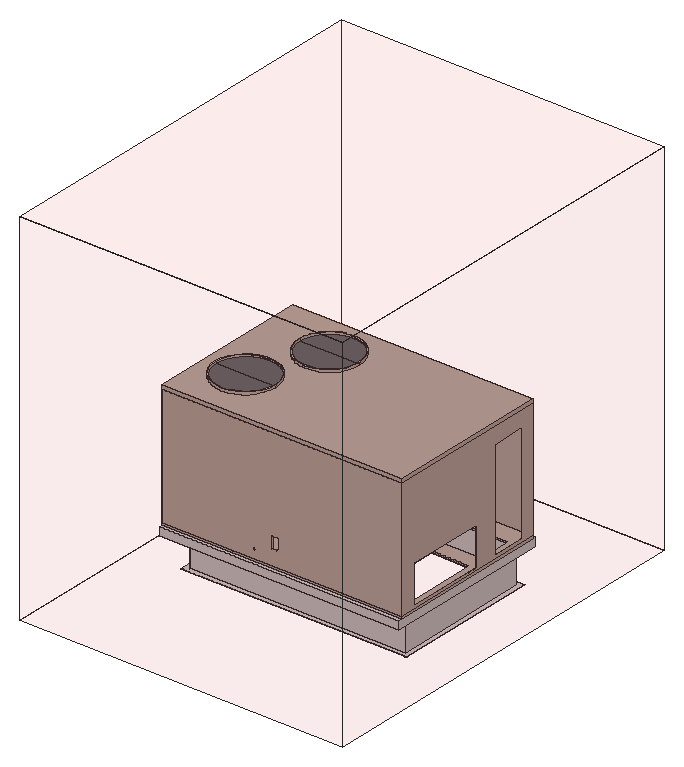
Revit family "CDR-XX08-09, ZX09, ZX12, ZY08-09", category Mechanical Equipment, Revit 2023
Family settings
  Round Connector Dimension = Use Diameter
  Part Type = Normal
  Work Plane-Based = No
  Always vertical = Yes
  Cut with Voids When Loaded = No
  Maintain Annotation Orientation = No
  Shared = No
  Room Calculation Point = No
Parameters (values of type "ZX09 - 8.5 Ton")
  Width = 61.690"  # constant formula
  Voltage = 208 V
  URL = "www.johnsoncontrols.com"
  Temperature Rise Range [instance] = 0 °F
  Supply Fan HP = 0 VA
  Supply Fan Full Load Current = 0 A
  Supply Air Connection Width (Optional) = 28 97/256"  # constant formula
  Supply Air Connection Width = 14"  # constant formula
  Supply Air Connection Height (Optional) = 13 225/256"  # constant formula
  Supply Air Connection Height = 28 3/4"  # constant formula
  Steady State Efficiency [instance] = 0
  Static Resistance [instance] = 0
  Standard Capacity Evaporator [instance] = "0"
  Show Clearance [instance] = yes
  Serial Number [instance] = ""
  Seasonal Energy Efficiency Rating [instance] = 0
  Return Air Dry Bulb Temperature [instance] = 0 °F
  Return Air Connection Width (Optional) = 12 161/256"  # constant formula
  Return Air Connection Width = 36 97/256"  # constant formula
  Return Air Connection Height (Optional) = 36 97/256"  # constant formula
  Return Air Connection Height = 12 161/256"  # constant formula
  Refrigerant Used = "R-410A"  # constant formula
  Refrigerant Charge System Two = 5.25 lbf
  Refrigerant Charge System One = 5.25 lbf
  Product Page URL = ""
  Product Documentation Link = ""
  Power Factor = 1  # constant formula
  Outdoor Ambient Temperature [instance] = 0 °F
  Outdoor Air Wet Bulb Temperature [instance] = 0 °F
  Operating Weight = 852.00 lbf
  OmniClass Title = "Packaged Rooftop Air Conditioning Units"  # constant formula
  OmniClass Number = "23.75.10.24.21.27.14"  # constant formula
  Number of Poles = 3
  Nominal Cooling Capacity = 8.5 ton
  Model = "ZX09"
  Maximum Overcurrent Protection = 0 A
  Manufacturer = "Johnson Controls, Inc."  # constant formula
  Length = 87.180"  # constant formula
  Keynote = ""
  Integrated Part Load Value = 0
  Height = 48.560"  # constant formula
  Gas Heating Performance MBH Output = 0 Btu/h
  Gas Heating Performance MBH Input = 0 Btu/h
  Gas Connection Diameter = 3/4"  # constant formula
  Frame Finish = Paint - JCI - Powder Coated - Galvanized Steel
  Filter Type = "2\""
  Filter Size and Quantity = "(20 x 20 x 2) - 4"  # constant formula
  Family Revision Date = "10/31/2017"  # constant formula
  Exhaust Fan HP [instance] = 0 VA
  Exhaust Air Flow = 0 CFM
  Exhaust Air Blower Full Load Current [instance] = 0 A
  Evaporator Coil Row Count = 3
  Evaporator Coil Fins per Inch = 15  # constant formula
  External Static Pressure [instance] = 0.00 in-wg
  Energy Efficiency Rating = 0
  Design Supply Air Flow [instance] = 0 CFM
  Description = "CDR Packaged Unit - 8.5 Ton Unit"
  Default Elevation = 0.000"
  Curb Width = 53.500"  # constant formula
  Curb Thicknes = 1.750"  # constant formula
  Curb Length = 81.750"  # constant formula
  Curb Height [instance] = 14.000"  # constant formula
  Curb Material = Metal - JCI - Steel - Galvanized With Wood Nailer
  Curb Exists [instance] = yes
  Copyright © = "Copyright © 2001-2017 Johnson Controls"  # constant formula
  Convenience Outlet Voltage [instance] = 0 V
  Convenience Outlet Full Load Current = 0 A
  Condenser Fan Quantity = 2  # constant formula
  Condenser Fan HP = 0 VA
  Condenser Fan Full Load Current = 0 A
  Condenser Fan Drive Type = "Direct"  # constant formula
  Condenser Fan Diameter = 22.000"  # constant formula
  Condenser Coils Fins per Inch = 23  # constant formula
  Condenser Coil Rows = 1
  Condensate Drain Flow [instance] = 0 GPM
  Condensate Drain Connection Diameter = 3/4"  # constant formula
  Compressor Type = "Scroll"  # constant formula
  Compressor Size = "0"  # constant formula
  Compressor Running Load Current = 0 A
  Compressor Quantity = 2
  Compressor Maximum Continuous Current = 0 A
  Compressor Locked Rotor Current = 0 A
  Clearance Top = 72.000"
  Clearance Right = 18.000"
  Clearance Left = 12.000"
  Clearance Front = 48.000"
  Clearance Bottom [instance] = if(Curb Exists, (Curb Height - Cabinet Base Thickness), 0.000")  # 10.940"
  Clearance Back = 36.000"
  Cabinet Base Thickness = 3.060"  # constant formula
  CTRL Curb Height [instance] = if(Curb Exists, Curb Height, Cabinet Base Thickness)  # 14.000"
  Assembly Code = ""
  Actual Supply Gas Connection Flow [instance] = 0 GPM
  Actual Supply Air Flow [instance] = 0 CFM
  Actual Return Air Flow [instance] = 0 CFM
Types (5): name | Refrigerant Charge System Two | Refrigerant Charge System One | Operating Weight | Nominal Cooling Capacity | Model | Evaporator Coil Row Count | Description
  (no name) | 5.25 lbf | 5.25 lbf | 852.00 lbf | 8.5 ton | "ZX09" | 3 | "CDR Packaged Unit - 8.5 Ton Unit"
  ZX09 - 8.5 Ton | 5.25 lbf | 5.25 lbf | 852.00 lbf | 8.5 ton | "ZX09" | 3 | "CDR Packaged Unit - 8.5 Ton Unit"
  ZX12 - 10 Ton | 5.75 lbf | 5.75 lbf | 879.00 lbf | 10.0 ton | "ZX12" | 4 | "CDR Packaged Unit - 10 Ton Unit"
  ZY08 - 7.5 Ton | 6.13 lbf | 6.00 lbf | 878.00 lbf | 7.5 ton | "ZY08" | 4 | "CDR Packaged Unit - 7.5 Ton Unit"
  ZY09 - 8.5 Ton | 6.00 lbf | 6.50 lbf | 878.00 lbf | 8.5 ton | "ZY09" | 4 | "CDR Packaged Unit - 8.5 Ton Unit"
Reference planes (in)
  plane 1 "Center (Front/Back)": y = 0
  plane 2 "Curb Bottom": z = 0
  plane 3 "Center (Left/Right)": x = 0
  plane 4 "Left": x = -43.59
  plane 5 "Right": x = 43.59
  plane 6 "Back": y = 30.845
  plane 7 "Front": y = -30.845
  plane 8 "Curb Top": z = 10.94
  plane 9 "Top": z = 59.5
  plane 10 "Cabinet Base": z = 14
  plane 11 "Top Inset": z = 58.25
  plane 12: z = 14.75
  plane 13 "Curb Right": x = 42.84
  plane 14 "Curb Left": x = -38.91
  plane 15 "Curb Back": y = 26.75
  plane 16 "Curb Front": y = -26.75
Forms (in)
  Sweep 1, solid, material "Metal - JCI - Steel Galvanized", detail levels fine
    path origin (0, 0, 0) x (1, 0, 0) y (0, 0, 1)
      loop
        line (0, 10.94) -> (0, 14)
    profile origin (0, 0, 12.47) x (-1, 0, 0) y (0, -1, 0)
      loop
        line (43.46, -30.845) -> (43.46, 30.845) -> (-43.48, 30.845) -> (-43.48, -30.845) -> (43.46, -30.845)
      loop
        line (42.96, -27.275) -> (42.96, 27.275) -> (-42.98, 27.275) -> (-42.98, -27.275) -> (42.96, -27.275)
  Sweep 2, solid, material "Paint - JCI - Powder Coated - Galvanized Steel" <- "Frame Finish", detail levels fine
    path origin (0, 0, 0) x (1, 0, 0) y (0, 0, 1)
      loop
        line (0, 14.75) -> (0, 58.25)
    profile origin (0, 0, 36.5) x (-1, 0, 0) y (0, -1, 0)
      loop
        line (43.59, -29.795) -> (43.59, 29.795) -> (-43.59, 29.795) -> (-43.59, -29.795) -> (43.59, -29.795)
      loop
        line (43.56, -29.765) -> (43.56, 29.765) -> (-43.56, 29.765) -> (-43.56, -29.765) -> (43.56, -29.765)
  Sweep 3, solid, material "Paint - JCI - Powder Coated - Galvanized Steel" <- "Frame Finish", detail levels fine
    path origin (0, 0, 0) x (1, 0, 0) y (0, 0, 1)
      loop
        line (0, 58.25) -> (0, 59.5)
    profile origin (0, 0, 58.875) x (-1, 0, 0) y (0, -1, 0)
      loop
        line (-43.59, -29.795) -> (43.59, -29.795) -> (43.59, 29.795) -> (-43.59, 29.795) -> (-43.59, -29.795)
      loop
        circle (17.89, -14.165) r 11
      loop
        circle (28.33, 10.735) r 11
  Sweep 4, solid, material "Paint - JCI - Powder Coated - Galvanized Steel" <- "Frame Finish", detail levels fine
    path origin (0, 0, 0) x (1, 0, 0) y (0, 0, 1)
      loop
        line (0, 14) -> (0, 14.75)
    profile origin (0, 0, 14.375) x (-1, 0, 0) y (0, -1, 0)
      loop
        line (-43.59, -29.795) -> (43.59, -29.795) -> (43.59, 29.795) -> (-43.59, 29.795) -> (-43.59, -29.795)
  Sweep 5, void
    path origin (0, 0, 0) x (1, 0, 0) y (0, 0, 1)
      loop
        line (0, 14) -> (0, 14.75)
    profile origin (0, 0, 14.375) x (-1, 0, 0) y (0, -1, 0)
      loop
        line (-40.19, -23.245) -> (-3.81109, -23.245) -> (-3.81109, -10.61609) -> (-40.19, -10.61609) -> (-40.19, -23.245)
      loop
        line (-40.19, -5.39609) -> (-26.19, -5.39609) -> (-26.19, 23.35391) -> (-40.19, 23.35391) -> (-40.19, -5.39609)
      loop
        circle (-18.3, -7.895) r 0.375
  Extrusion 6, void
    sketch origin (0, 0, 0) x (1, 0, 0) y (0, 0, 1)
      loop
        circle (-9.6, 18.23) r 0.375
      loop
        line (-3.38, 20.42) -> (-1.05, 20.42) -> (-1.05, 24.65) -> (-3.38, 24.65) -> (-3.38, 20.42)
    from 20.02836 to 30.845
  Extrusion 7, solid, material "Paint - JCI - Powder Coated - Galvanized Steel" <- "Frame Finish", detail levels fine
    sketch origin (-43.59, 0, 0) x (0, 1, 0) y (0, 0, 1)
      loop
        circle (-25.1205, 46.23) r 0.69
      loop
        line (-23.895, 36.265) -> (-26.815, 36.265) -> (-26.815, 31.575) -> (-23.895, 31.575) -> (-23.895, 36.265)
    from -0.1 to 0
  Extrusion 8, void
    sketch origin (0, 0, 0) x (0, 1, 0) y (0, 0, 1)
      loop
        line (12.23609, 52.31891) -> (12.23609, 15.94) -> (24.865, 15.94) -> (24.865, 52.31891) -> (12.23609, 52.31891)
      loop
        line (-24.33281, 29.81891) -> (-24.33281, 15.94) -> (4.04609, 15.94) -> (4.04609, 29.81891) -> (-24.33281, 29.81891)
      loop
        circle (8.255, 17.13) r 0.375
    from 30 to 43.59
  Sweep 9, solid, material "Metal - JCI - Steel - Galvanized With Wood Nailer" <- "Curb Material", visible <- "Curb Exists", detail levels fine
    path origin (0, 0, 0) x (1, 0, 0) y (0, 1, 0)
      loop
        line (-38.91, 26.75) -> (-38.91, -26.75) -> (42.84, -26.75) -> (42.84, 26.75) -> (-38.91, 26.75)
    profile origin (42.84, 0, 0) x (1, 0, 0) y (0, 0, 1)
      loop
        line (0, 14) -> (-1.75, 14) -> (-1.75, 0) -> (0, 0) -> (0, 0.06) -> (-1.69, 0.06) -> (-1.69, 13) -> (0, 13) -> (0, 14)
      loop
        line (-1.69, 13.06) -> (-0.06, 13.06) -> (-0.06, 13.94) -> (-1.69, 13.94) -> (-1.69, 13.06)
  Extrusion 10, solid, material "Metal - JCI - Steel - Galvanized With Wood Nailer" <- "Curb Material", visible <- "Curb Exists", detail levels fine
    sketch origin (0, 0, 14) x (-1, 0, 0) y (0, -1, 0)
      loop
        line (37.16, -25) -> (37.16, 25) -> (-0.902, 25) -> (-0.902, -6.531) -> (-22.277, -6.531) -> (-22.277, 25) -> (-25.277, 25) -> (-25.277, -6.531) -> (-41.09, -6.531) -> (-41.09, -9.531) -> (-0.902, -9.531) -> (-0.902, -25) -> (37.16, -25)
      loop
        circle (-18.027, -7.563) r 0.9
    from 0 to -1
Cuts and joins
  Sweep 5 cuts Sweep 4
  Extrusion 6, Extrusion 8 cuts Sweep 2
  joined: Sweep 9, Extrusion 10
Lines and regions (in)
  model lines, detail levels coarse+medium
    curve 1: line (-43.59, -30.845, 59.5) -> (43.59, -30.845, 59.5)
    curve 2: line (-43.59, -30.845, 10.94) -> (-43.59, -30.845, 59.5)
    curve 3: line (43.59, -30.845, 10.94) -> (-43.59, -30.845, 10.94)
    curve 4: line (43.59, -30.845, 59.5) -> (43.59, -30.845, 10.94)
    curve 5: line (-43.59, 30.845, 59.5) -> (43.59, 30.845, 59.5)
    curve 6: line (-43.59, 30.845, 10.94) -> (-43.59, 30.845, 59.5)
    curve 7: line (43.59, 30.845, 10.94) -> (-43.59, 30.845, 10.94)
    curve 8: line (43.59, 30.845, 59.5) -> (43.59, 30.845, 10.94)
    curve 9: line (43.59, -30.845, 59.5) -> (43.59, 30.845, 59.5)
    curve 10: line (43.59, -30.845, 10.94) -> (43.59, -30.845, 59.5)
    curve 11: line (43.59, 30.845, 10.94) -> (43.59, -30.845, 10.94)
    curve 12: line (43.59, 30.845, 59.5) -> (43.59, 30.845, 10.94)
    curve 13: line (-43.59, -30.845, 59.5) -> (-43.59, 30.845, 59.5)
    curve 14: line (-43.59, -30.845, 10.94) -> (-43.59, -30.845, 59.5)
    curve 15: line (-43.59, 30.845, 10.94) -> (-43.59, -30.845, 10.94)
    curve 16: line (-43.59, 30.845, 59.5) -> (-43.59, 30.845, 10.94)
  model lines, visible <- "Curb Exists", detail levels coarse+medium
    curve 17: line (-38.91, -26.75, 14) -> (42.84, -26.75, 14)
    curve 18: line (-38.91, -26.75, 0) -> (-38.91, -26.75, 14)
    curve 19: line (42.84, -26.75, 0) -> (-38.91, -26.75, 0)
    curve 20: line (42.84, -26.75, 14) -> (42.84, -26.75, 0)
    curve 21: line (-38.91, 26.75, 0) -> (42.84, 26.75, 0)
    curve 22: line (-38.91, 26.75, 14) -> (-38.91, 26.75, 0)
    curve 23: line (42.84, 26.75, 14) -> (-38.91, 26.75, 14)
    curve 24: line (42.84, 26.75, 0) -> (42.84, 26.75, 14)
    curve 25: line (42.84, -26.75, 0) -> (42.84, 26.75, 0)
    curve 26: line (42.84, -26.75, 14) -> (42.84, -26.75, 0)
    curve 27: line (42.84, 26.75, 14) -> (42.84, -26.75, 14)
    curve 28: line (42.84, 26.75, 0) -> (42.84, 26.75, 14)
    curve 29: line (-38.91, -26.75, 0) -> (-38.91, 26.75, 0)
    curve 30: line (-38.91, -26.75, 14) -> (-38.91, -26.75, 0)
    curve 31: line (-38.91, 26.75, 14) -> (-38.91, -26.75, 14)
    curve 32: line (-38.91, 26.75, 0) -> (-38.91, 26.75, 14)
  model lines, detail levels fine
    curve 33: line (1.68, -29.795, 58.25) -> (1.68, -29.795, 14.75)
    curve 34: line (-0.29, -29.795, 58.25) -> (-0.29, -29.795, 14.75)
    curve 35: line (-0.26, 29.795, 58.25) -> (-0.26, 29.795, 14.75)
    curve 36: line (1.63, 29.795, 58.25) -> (1.63, 29.795, 14.75)
    curve 37: line (1.63, 29.795, 35.32) -> (43.59, 29.795, 35.32)
    curve 38: line (1.63, 29.795, 36.01) -> (43.59, 29.795, 36.01)
Dimensions and locks (in)
  equal spacing: plane 4 "Left", plane 3 "Center (Left/Right)", plane 5 "Right"
  "Length": plane 4 "Left" to plane 5 "Right"
  equal spacing: plane 7 "Front", plane 1 "Center (Front/Back)", plane 6 "Back"
  "Width": plane 7 "Front" to plane 6 "Back"
  "Height": plane 9 "Top" to plane 8 "Curb Top"
  "Cabinet Base Thickness": plane 10 "Cabinet Base" to plane 8 "Curb Top"
  locked: plane 4 "Left" to Sweep 1 sketch curve at 0.13
  locked: Sweep 1 sketch curve to plane 5 "Right" at 0.11
  locked: Sweep 1 sketch curve to Sweep 1 sketch curve at 3.57  (x2)
  locked: Sweep 1 sketch curve to Sweep 1 sketch curve at 0.5  (x2)
  locked: Sweep 2 sketch curve to plane 6 "Back" at 1.05
  locked: plane 7 "Front" to Sweep 2 sketch curve at 1.05
  locked: Sweep 2 sketch curve to Sweep 2 sketch curve at 0.03  (x4)
  locked: plane 9 "Top" to plane 11 "Top Inset" at 1.25
  locked: plane 12 to plane 10 "Cabinet Base" at 0.75
  "Return Air Connection Height": Sweep 5 sketch curve to Sweep 5 sketch curve
  locked: Sweep 5 sketch curve to Sweep 5 sketch curve at 5.22
  "Supply Air Connection Height": Sweep 5 sketch curve to Sweep 5 sketch curve
  locked: Sweep 3 to Sweep 5 sketch curve at 6.55
  locked: Sweep 5 sketch curve to plane 5 "Right" at 3.4  (x2)
  "Supply Air Connection Width": Sweep 5 sketch curve to Sweep 5 sketch curve
  "Return Air Connection Width": Sweep 5 sketch curve to Sweep 5 sketch curve
  locked: Sweep 5 sketch curve to plane 5 "Right" at 25.29
  locked: Sweep 3 to Sweep 5 sketch curve at 21.9
  locked: Sweep 3 sketch curve to plane 6 "Back" at 16.68
  locked: plane 4 "Left" to Sweep 3 sketch curve at 25.7
  locked: Extrusion 6 sketch curve to plane 4 "Left" at 33.99
  locked: Extrusion 6 sketch curve to plane 8 "Curb Top" at 7.29
  locked: Extrusion 6 sketch curve to Extrusion 6 sketch curve at 4.23
  locked: Extrusion 6 sketch curve to plane 4 "Left" at 40.21
  locked: Extrusion 6 sketch curve to Extrusion 6 sketch curve at 2.33
  locked: Extrusion 6 sketch curve to plane 8 "Curb Top" at 9.48
  locked: Extrusion 7 sketch curve to plane 8 "Curb Top" at 35.29
  locked: Extrusion 7 sketch curve to cut or joined group of Sweep 2, Extrusion 6, Extrusion 8 at 4.6745
  locked: Extrusion 8 sketch curve to plane 8 "Curb Top" at 5  (x2)
  "Return Air Connection Height (Optional)": Extrusion 8 sketch curve to Extrusion 8 sketch curve
  "Supply Air Connection Height (Optional)": Extrusion 8 sketch curve to Extrusion 8 sketch curve
  locked: Extrusion 8 sketch curve to plane 8 "Curb Top" at 6.19
  locked: cut or joined group of Sweep 2, Extrusion 6, Extrusion 8 to Extrusion 8 sketch curve at 38.05
  locked: Extrusion 8 sketch curve to cut or joined group of Sweep 2, Extrusion 6, Extrusion 8 at 4.93
  "Return Air Connection Width (Optional)": Extrusion 8 sketch curve to Extrusion 8 sketch curve
  locked: Extrusion 8 sketch curve to Extrusion 8 sketch curve at 8.19
  "Supply Air Connection Width (Optional)": Extrusion 8 sketch curve to Extrusion 8 sketch curve
  "Curb Length": plane 14 "Curb Left" to plane 13 "Curb Right"
  equal spacing: plane 16 "Curb Front", plane 1 "Center (Front/Back)", plane 15 "Curb Back"
  "Curb Width": plane 16 "Curb Front" to plane 15 "Curb Back"
  "Curb Thicknes": Sweep 9 sketch curve to profile plane
  "Curb Height": Sweep 9 sketch curve to profile plane
  locked: Sweep 9 sketch curve to Sweep 9 sketch curve at 1
  locked: Sweep 9 sketch curve to Sweep 9 sketch curve at 0.06  (x6)
  "CTRL Curb Height": plane 10 "Cabinet Base" to plane 2 "Curb Bottom"
  locked: Extrusion 10 sketch curve to Sweep 9 at 15.469
  locked: Extrusion 10 sketch curve to Extrusion 10 sketch curve at 3  (x3)
  locked: Extrusion 10 sketch curve to Sweep 9 at 40.188
  locked: Extrusion 10 sketch curve to Sweep 9 at 15.813
  locked: Extrusion 10 sketch curve to plane 13 "Curb Right" at 24.813
  plane 16 "Curb Front" to Extrusion 10 sketch curve = 34.313"
  locked: Extrusion 7 sketch curve to plane 7 "Front" at 4.03
  locked: Extrusion 7 sketch curve to Extrusion 7 sketch curve at 2.92
  locked: Extrusion 7 sketch curve to plane 8 "Curb Top" at 20.635
  locked: Extrusion 7 sketch curve to Extrusion 7 sketch curve at 4.69
  locked: Extrusion 7 to plane 4 "Left" at 0.1
  nested 2 to plane 7 "Front" = 48.000"
  plane 6 "Back" to nested 2 = 36.000"
  plane 5 "Right" to nested 2 = 18.000"
  nested 2 to plane 4 "Left" = 12.000"
  "Curb Height": curve 17 to plane 2 "Curb Bottom"
  "Curb Height": curve 23 to plane 2 "Curb Bottom"
  "Curb Height": curve 27 to plane 2 "Curb Bottom"
  "Curb Height": curve 31 to plane 2 "Curb Bottom"
  locked: plane 4 "Left" to nested 1 at 25.7
  locked: nested 1 to plane 6 "Back" at 16.68
  locked: plane 5 "Right" to curve 33 at 41.91
  locked: plane 5 "Right" to curve 34 at 43.88
  locked: curve 35 to plane 4 "Left" at 43.33
  locked: curve 36 to plane 4 "Left" at 45.22
  locked: plane 8 "Curb Top" to curve 37 at 24.38
  locked: plane 8 "Curb Top" to curve 38 at 25.07
  locked: Sweep 3 sketch curve to plane 6 "Back" at 41.58
  locked: plane 4 "Left" to Sweep 3 sketch curve at 15.26
  locked: plane 4 "Left" to nested 3 at 15.26
  locked: nested 3 to plane 6 "Back" at 41.58
  locked: plane 13 "Curb Right" to plane 5 "Right" at 0.75
  "Condensate Drain Connection Diameter": diameter of Sweep 5 sketch curve
  "Gas Connection Diameter": diameter of Extrusion 6 sketch curve
  "Condensate Drain Connection Diameter": diameter of Extrusion 8 sketch curve
  "Condenser Fan Diameter": diameter of Sweep 3 sketch curve  (x2)
  aligned and locked: level to plane 2 "Curb Bottom"
  aligned and locked: plane 8 "Curb Top" to Sweep 1 sketch curve
  aligned and locked: plane 3 "Center (Left/Right)" to Sweep 1 sketch curve
  aligned and locked: plane 10 "Cabinet Base" to Sweep 1 sketch curve
  aligned and locked: plane 6 "Back" to Sweep 1 sketch curve
  aligned and locked: Sweep 1 sketch curve to plane 7 "Front"
  aligned and locked: plane 3 "Center (Left/Right)" to Sweep 2 sketch curve
  aligned and locked: Sweep 2 sketch curve to plane 5 "Right"
  aligned and locked: plane 4 "Left" to Sweep 2 sketch curve
  aligned and locked: plane 11 "Top Inset" to Sweep 2 sketch curve
  aligned and locked: Sweep 3 sketch curve to Sweep 2  (x5)
  aligned and locked: plane 3 "Center (Left/Right)" to Sweep 3 sketch curve
  aligned and locked: plane 9 "Top" to Sweep 3 sketch curve
  aligned and locked: plane 12 to Sweep 2 sketch curve
  aligned and locked: plane 3 "Center (Left/Right)" to Sweep 4 sketch curve
  aligned and locked: plane 10 "Cabinet Base" to Sweep 4 sketch curve
  aligned and locked: plane 12 to Sweep 4 sketch curve
  aligned and locked: Sweep 4 sketch curve to Sweep 3  (x4)
  aligned and locked: plane 3 "Center (Left/Right)" to Sweep 5 sketch curve
  aligned and locked: plane 10 "Cabinet Base" to Sweep 5 sketch curve
  aligned and locked: plane 12 to Sweep 5 sketch curve
  aligned and locked: plane 9 "Top" to nested 1
  aligned and locked: plane 7 "Front" to Extrusion 6
  aligned and locked: plane 5 "Right" to Extrusion 8
  aligned and locked: plane 15 "Curb Back" to Sweep 9 sketch curve
  aligned and locked: plane 14 "Curb Left" to Sweep 9 sketch curve
  aligned and locked: Sweep 9 sketch curve to plane 16 "Curb Front"
  aligned and locked: Sweep 9 sketch curve to plane 13 "Curb Right"
  aligned and locked: profile plane to Sweep 9 sketch curve  (x2)
  aligned and locked: Sweep 9 sketch curve to profile plane
  aligned and locked: Sweep 9 to Extrusion 10 sketch curve  (x4)
  aligned and locked: Extrusion 10 to plane 10 "Cabinet Base"
  aligned and locked: Sweep 9 to Extrusion 10
  aligned and locked: Extrusion 10 sketch curve to Extrusion 10 sketch curve
  aligned and locked: Extrusion 10 sketch curve to Sweep 9
  aligned and locked: plane 4 "Left" to Extrusion 7
  aligned and locked: plane 8 "Curb Top" to nested 2
  aligned and locked: curve 1 to plane 9 "Top"
  aligned and locked: plane 4 "Left" to curve 2
  aligned and locked: plane 8 "Curb Top" to curve 3
  aligned and locked: curve 4 to plane 5 "Right"
  aligned and locked: curve 5 to plane 9 "Top"
  aligned and locked: plane 4 "Left" to curve 6
  aligned and locked: plane 8 "Curb Top" to curve 7
  aligned and locked: curve 8 to plane 5 "Right"
  aligned and locked: curve 9 to plane 9 "Top"
  aligned and locked: curve 10 to plane 7 "Front"
  aligned and locked: plane 8 "Curb Top" to curve 11
  aligned and locked: plane 6 "Back" to curve 12
  aligned and locked: curve 13 to plane 9 "Top"
  aligned and locked: curve 14 to plane 7 "Front"
  aligned and locked: plane 8 "Curb Top" to curve 15
  aligned and locked: plane 6 "Back" to curve 16
  aligned and locked: plane 14 "Curb Left" to curve 18
  aligned and locked: plane 2 "Curb Bottom" to curve 19
  aligned and locked: curve 20 to plane 13 "Curb Right"
  aligned and locked: curve 21 to plane 2 "Curb Bottom"
  aligned and locked: curve 22 to plane 14 "Curb Left"
  aligned and locked: plane 13 "Curb Right" to curve 24
  aligned and locked: curve 25 to plane 2 "Curb Bottom"
  aligned and locked: plane 16 "Curb Front" to curve 26
  aligned and locked: curve 28 to plane 15 "Curb Back"
  aligned and locked: curve 29 to plane 2 "Curb Bottom"
  aligned and locked: plane 16 "Curb Front" to curve 30
  aligned and locked: curve 32 to plane 15 "Curb Back"
  aligned and locked: plane 11 "Top Inset" to curve 33
  aligned and locked: plane 12 to curve 33
  aligned and locked: plane 11 "Top Inset" to curve 35
  aligned and locked: plane 12 to curve 35
  aligned and locked: plane 5 "Right" to curve 37
  aligned and locked: plane 5 "Right" to curve 38
  aligned and locked: curve 36 to curve 38
  aligned and locked: plane 11 "Top Inset" to curve 36
  aligned and locked: plane 12 to curve 36
  aligned and locked: plane 11 "Top Inset" to curve 34
  aligned and locked: plane 12 to curve 34
  aligned and locked: plane 9 "Top" to nested 3
Automatic sketch dimensions
  radius of Extrusion 10 sketch curve = 0.900"
  radius of Extrusion 7 sketch curve = 0.690"
Nested families (in)
  nested 1: "CDR-JCI-Condenser_Fan" at (-17.89, 14.165, 59.5), type "Fan"
    with Radius 2 10.750", Radius 11.000", Height 0.840", Diameter 22.000"
  nested 2: "Include Clearance" at (0, 0, 10.94), visible <- "Show Clearance", type "Include Clearance"
    with Width 87.180", Height 48.560", Depth 61.690", Clearance Top 72.000", Clearance Right 18.000", Clearance Left 12.000", Clearance Front 48.000", Clearance Bottom 10.940", Clearance Back 36.000"
  nested 3: "CDR-JCI-Condenser_Fan" at (-28.33, -10.735, 59.5), type "Fan"
    with Radius 2 10.750", Radius 11.000", Height 0.840", Diameter 22.000"
Connectors (in)
  hvac at (22.00055, 16.93055, 14), driven by "Return Air Connection Height", driven by "Return Air Connection Width", driven by "Actual Return Air Flow"
    settings: on cut or joined group of Sweep 4, Sweep 5, index 1, duct flow 0 CFM, flow factor 0, pres drop 0.00 in-wg, loss coef 0, conn angle 0.00°, conn width 36 97/256", conn height 12 161/256", conn diameter 24", duct sys type 2, conn prof type 1, flow config 0, flow direction 1, loss method 0, conn ref index -1, conn util no, is conn primary yes, conn desc "Return Air"
  hvac at (33.19, -8.97891, 14), driven by "Supply Air Connection Height", driven by "Supply Air Connection Width", driven by "Actual Supply Air Flow"
    settings: on cut or joined group of Sweep 4, Sweep 5, index 2, duct flow 0 CFM, flow factor 0, pres drop 0.00 in-wg, loss coef 0, conn angle 0.00°, conn width 14", conn height 28 3/4", conn diameter 24", duct sys type 1, conn prof type 1, flow config 0, flow direction 2, loss method 0, conn ref index -1, conn util no, is conn primary no, conn desc "Supply Air"
  hvac at (43.59, 18.55055, 34.12945), driven by "Return Air Connection Height (Optional)", driven by "Return Air Connection Width (Optional)"
    settings: on cut or joined group of Sweep 2, Extrusion 6, Extrusion 8, index 4, duct flow 0 CFM, flow factor 0, pres drop 0.00 in-wg, loss coef 0, conn angle 0.00°, conn width 12 161/256", conn height 36 97/256", conn diameter 24", duct sys type 2, conn prof type 1, flow config 0, flow direction 1, loss method 0, conn ref index -1, conn util no, is conn primary no, conn desc "Return Air (Optional)"
  hvac at (43.59, -10.14336, 22.87945), driven by "Supply Air Connection Width (Optional)", driven by "Supply Air Connection Height (Optional)"
    settings: on cut or joined group of Sweep 2, Extrusion 6, Extrusion 8, index 5, duct flow 0 CFM, flow factor 0, pres drop 0.00 in-wg, loss coef 0, conn angle 0.00°, conn width 28 97/256", conn height 13 225/256", conn diameter 24", duct sys type 1, conn prof type 1, flow config 0, flow direction 2, loss method 0, conn ref index -1, conn util no, is conn primary no, conn desc "Supply Air (Optional)"
  piping at (-9.6, -29.795, 18.23), diameter 0.75, driven by "Actual Supply Gas Connection Flow", driven by "Gas Connection Diameter"
    settings: on cut or joined group of Sweep 2, Extrusion 6, Extrusion 8, index 6, connector inside diameter 24", connector length 0.000", flow factor 0, pipe flow 0 GPM, pressure drop 0.00 psi, fitting loss kfactor 0, connector angle 0.00°, fixture units 0, engagement length 0.000", angle of deflection 0.00°, flow configuration 0, flow direction 1, fitting loss method 0, system type 7, joint type 0, gender type 0, connector reference index -1, connector utility 0, adjustable connector no, is connector primary yes, connector description "Gas Inlet"
  piping at (18.3, 7.895, 14), diameter 0.75, driven by "Condensate Drain Flow", driven by "Condensate Drain Connection Diameter"
    settings: on cut or joined group of Sweep 4, Sweep 5, index 7, connector inside diameter 24", connector length 0.000", flow factor 0, pipe flow 0 GPM, pressure drop 0.00 psi, fitting loss kfactor 0, connector angle 0.00°, fixture units 0, engagement length 0.000", angle of deflection 0.00°, flow configuration 1, flow direction 2, fitting loss method 0, system type 16, joint type 0, gender type 0, connector reference index -1, connector utility 0, adjustable connector yes, is connector primary no, connector description "Condensate Drain"
  piping at (43.59, 8.255, 17.13), diameter 0.75, driven by "Condensate Drain Connection Diameter"
    settings: on cut or joined group of Sweep 2, Extrusion 6, Extrusion 8, index 8, connector inside diameter 24", connector length 0.000", flow factor 0, pipe flow 0 GPM, pressure drop 0.00 psi, fitting loss kfactor 0, connector angle 0.00°, fixture units 0, engagement length 0.000", angle of deflection 0.00°, flow configuration 1, flow direction 2, fitting loss method 0, system type 16, joint type 0, gender type 0, connector reference index -1, connector utility 0, adjustable connector yes, is connector primary no, connector description "Condensate Drain (Optional)"
  electrical at (-43.69, -25.1205, 46.23), driven by "Number of Poles", driven by "Voltage", driven by "Power Factor"
    settings: on Extrusion 7, index 9, voltage 208 V, apparent load 0 VA, apparent load phase1 0 VA, apparent load phase2 0 VA, apparent load phase3 0 VA, power factor 1, load classification "Power", number of poles 3, system type 30, power factor state 1, is connector primary yes, connector utility no, sub classification motor no, connector description "Power Entry"
  electrical at (-43.69, -25.355, 33.92), driven by "Number of Poles", driven by "Convenience Outlet Voltage", driven by "Power Factor"
    settings: on Extrusion 7, index 10, voltage 0 V, apparent load 0 VA, apparent load phase1 0 VA, apparent load phase2 0 VA, apparent load phase3 0 VA, power factor 1, load classification "Power", number of poles 3, system type 30, power factor state 1, is connector primary no, connector utility no, sub classification motor no, connector description "Convenience Outlet Power"
Definition of nested family "CDR-JCI-Condenser_Fan"
  Parameters (values of type "Fan")
    Radius 2 = Radius - 0.250"  # 11.630"
    Radius = if(1 = 1, Diameter / 2, 1.000")  # 11.880"
    Height = 1.250"
    Frame Material = none
    Fan Blade Material = none
    Diameter = 23.760"
    Default Elevation = 0.000"
    Assembly Code = ""
  Reference planes (in)
    plane 1 "Center (Front/Back)": y = 0
    plane 2 "Bottom": z = 0
    plane 3 "Center (Left/Right)": x = 0
    plane 4 "Back": y = 11.88
    plane 5 "Front": y = -11.88
    plane 6 "Left": x = -11.88
    plane 7 "Right": x = 11.88
    plane 8 "Top": z = 1.25
    plane 9 "Right Inset": x = 11.63
    plane 10 "Top Inset": z = 0.75
  Forms (in)
    Revolve 1, solid, material <- "Fan Blade Material", detail levels fine
      sketch origin (0, 0, 0) x (1, 0, 0) y (0, 0, 1)
        loop
          line (0, 0.75) -> (0, 0) -> (11.63, 0) -> (11.63, 0.75) -> (0, 0.75)
        axis (0, 0.75) -> (0, 0)
      angle from 0 to 360
    Revolve 2, solid, material <- "Frame Material", detail levels fine
      sketch origin (0, 0, 0) x (1, 0, 0) y (0, 0, 1)
        loop
          line (11.63, 0) -> (11.88, 0) -> (11.88, 1.25) -> (11.63, 1.25) -> (11.63, 0)
        axis (0, 1.25) -> (0, 0)
      angle from 0 to 360
    Revolve 3, solid, material <- "Frame Material", detail levels medium
      sketch origin (0, 0, 0) x (1, 0, 0) y (0, 0, 1)
        loop
          line (0, 1.25) -> (0, 0) -> (11.88, 0) -> (11.88, 1.25) -> (0, 1.25)
        axis (0, 1.25) -> (0, 0)
      angle from 0 to 360
  Lines and regions (in)
    Masking region 1
      outline origin (0, 0, 0) x (1, 0, 0) y (0, 1, 0)
        loop
          circle (0, 0) r 11.88
    Masking region 2
      outline origin (0, 0, 0) x (1, 0, 0) y (0, 0, 1)
        loop
          line (-11.88, 1.25) -> (-11.88, 0) -> (11.88, 0) -> (11.88, 1.25) -> (-11.88, 1.25)
    Masking region 3
      outline origin (0, 0, 0) x (0, 1, 0) y (0, 0, 1)
        loop
          line (-11.88, 1.25) -> (-11.88, 0) -> (11.88, 0) -> (11.88, 1.25) -> (-11.88, 1.25)
    model lines, detail levels coarse
      curve 1: circle (0, 0, 0) r 11.88 normal (0, 0, 1)
      curve 2: circle (0, 0, 1.25) r 11.88 normal (0, 0, 1)
      curve 3: line (11.88, 0, 1.25) -> (11.88, 0, 0)
      curve 4: line (-11.88, 0, 1.25) -> (-11.88, 0, 0)
      curve 5: line (0, 11.88, 1.25) -> (0, 11.88, 0)
      curve 6: line (0, -11.88, 1.25) -> (0, -11.88, 0)
    symbolic lines, detail levels fine
      curve 7: circle (0, 0, 0) r 11.63 normal (0, 0, 1)
  Dimensions and locks (in)
    equal spacing: plane 5 "Front", plane 1 "Center (Front/Back)", plane 4 "Back"
    "Diameter": plane 5 "Front" to plane 4 "Back"
    equal spacing: plane 6 "Left", plane 3 "Center (Left/Right)", plane 7 "Right"
    "Diameter": plane 6 "Left" to plane 7 "Right"
    "Height": plane 8 "Top" to plane 2 "Bottom"
    locked: plane 9 "Right Inset" to plane 7 "Right" at 0.25
    locked: plane 8 "Top" to plane 10 "Top Inset" at 0.5
    "Radius": plane 3 "Center (Left/Right)" to curve 1
    "Radius": curve 1 to plane 1 "Center (Front/Back)"
    "Radius": curve 2 to plane 1 "Center (Front/Back)"
    "Radius": plane 3 "Center (Left/Right)" to curve 2
    "Radius": plane 3 "Center (Left/Right)" to Masking region 1 sketch curve
    "Radius": plane 1 "Center (Front/Back)" to Masking region 1 sketch curve
    "Radius 2": plane 3 "Center (Left/Right)" to curve 7
    "Radius 2": plane 1 "Center (Front/Back)" to curve 7
    "Radius": radius of curve 1
    "Radius": radius of curve 2
    "Radius": radius of Masking region 1 sketch curve
    "Radius 2": radius of curve 7
    aligned and locked: Revolve 1 sketch curve to plane 3 "Center (Left/Right)"
    aligned and locked: Revolve 1 sketch curve to Revolve 1 sketch curve
    aligned and locked: plane 2 "Bottom" to Revolve 1 sketch curve
    aligned and locked: Revolve 2 sketch curve to plane 3 "Center (Left/Right)"
    aligned and locked: Revolve 2 sketch curve to plane 8 "Top"
    aligned and locked: plane 2 "Bottom" to Revolve 2 sketch curve
    aligned and locked: plane 7 "Right" to Revolve 2 sketch curve
    aligned and locked: Revolve 2 sketch curve to plane 9 "Right Inset"
    aligned and locked: plane 9 "Right Inset" to Revolve 1 sketch curve
    aligned and locked: Revolve 1 sketch curve to plane 10 "Top Inset"
    aligned and locked: Revolve 3 sketch curve to plane 3 "Center (Left/Right)"
    aligned and locked: Revolve 3 sketch curve to Revolve 3 sketch curve
    aligned and locked: plane 2 "Bottom" to Revolve 3 sketch curve
    aligned and locked: plane 7 "Right" to Revolve 3 sketch curve
    aligned and locked: Revolve 3 sketch curve to plane 8 "Top"
    aligned and locked: plane 2 "Bottom" to curve 3
    aligned and locked: plane 2 "Bottom" to curve 4
    aligned and locked: plane 8 "Top" to curve 3
    aligned and locked: plane 8 "Top" to curve 4
    aligned and locked: plane 7 "Right" to curve 3
    aligned and locked: curve 4 to plane 6 "Left"
    aligned and locked: plane 2 "Bottom" to curve 5
    aligned and locked: plane 8 "Top" to curve 5
    aligned and locked: plane 2 "Bottom" to curve 6
    aligned and locked: plane 8 "Top" to curve 6
    aligned and locked: curve 5 to plane 4 "Back"
    aligned and locked: plane 5 "Front" to curve 6
    aligned and locked: Masking region 2 sketch curve to plane 8 "Top"
    aligned and locked: plane 2 "Bottom" to Masking region 2 sketch curve
    aligned and locked: plane 7 "Right" to Masking region 2 sketch curve
    aligned and locked: plane 6 "Left" to Masking region 2 sketch curve
    aligned and locked: Masking region 3 sketch curve to plane 8 "Top"
    aligned and locked: Masking region 3 sketch curve to plane 4 "Back"
    aligned and locked: plane 2 "Bottom" to Masking region 3 sketch curve
    aligned and locked: Masking region 3 sketch curve to plane 5 "Front"
  Automatic sketch dimensions
    Revolve 1 sketch curve to level = 24.000"
    Revolve 1 sketch curve to Revolve 1 sketch curve = 87.70035"
    Revolve 2 sketch curve to level = 24.000"
    plane 8 "Top" to Revolve 2 sketch curve = 87.20035"
    Revolve 3 sketch curve to level = 24.000"
    Revolve 3 sketch curve to Revolve 3 sketch curve = 87.20035"
Definition of nested family "Include Clearance"
  Parameters (values of type "Include Clearance")
    Width = 74.050"
    Height = 32.530"
    Depth = 48.880"
    Default Elevation = 48.000"
    Clearance Top = 120.000"
    Clearance Right = 60.000"
    Clearance Material = none
    Clearance Left = 60.000"
    Clearance Front = 60.000"
    Clearance Bottom = 36.000"
    Clearance Back = 60.000"
    Assembly Code = ""
  Reference planes (in)
    plane 1 "Center (Front/Back)": y = 0
    plane 2 "Bottom": z = 0
    plane 3 "Center (Left/Right)": x = 0
    plane 4 "Clearance Front": y = -84.44
    plane 5 "Top": z = 32.53
    plane 6 "Back": y = 24.44
    plane 7 "Left": x = -37.025
    plane 8 "Front": y = -24.44
    plane 9 "Right": x = 37.025
    plane 10 "Clearance Back": y = 84.44
    plane 11 "Clearance Left": x = -97.025
    plane 12 "Clearance Right": x = 97.025
    plane 13 "Clearance Top": z = 152.53
    plane 14 "Clearance Bottom": z = -36
  Forms (in)
    Extrusion 1, solid, material <- "Clearance Material"
      sketch origin (0, 0, 32.53) x (-1, 0, 0) y (0, -1, 0)
        loop
          line (97.025, -84.44) -> (97.025, 84.44) -> (-97.025, 84.44) -> (-97.025, -84.44) -> (97.025, -84.44)
      from -68.53 to 120
  Lines and regions (in)
    symbolic lines
      curve 1: line (-97.025, 84.44, 32.53) -> (97.025, 84.44, 32.53)
      curve 2: line (-97.025, -84.44, 32.53) -> (-97.025, 84.44, 32.53)
      curve 3: line (97.025, -84.44, 32.53) -> (-97.025, -84.44, 32.53)
      curve 4: line (97.025, 84.44, 32.53) -> (97.025, -84.44, 32.53)
      curve 5: line (-97.025, 0, 152.53) -> (97.025, 0, 152.53)
      curve 6: line (-97.025, 0, -36) -> (-97.025, 0, 152.53)
      curve 7: line (97.025, 0, -36) -> (-97.025, 0, -36)
      curve 8: line (97.025, 0, 152.53) -> (97.025, 0, -36)
      curve 9: line (0, -84.44, 152.53) -> (0, 84.44, 152.53)
      curve 10: line (0, -84.44, -36) -> (0, -84.44, 152.53)
      curve 11: line (0, 84.44, -36) -> (0, -84.44, -36)
      curve 12: line (0, 84.44, 152.53) -> (0, 84.44, -36)
  Dimensions and locks (in)
    "Height": plane 5 "Top" to plane 2 "Bottom"
    "Depth": plane 6 "Back" to plane 8 "Front"
    "Width": plane 7 "Left" to plane 9 "Right"
    equal spacing: plane 7 "Left", plane 3 "Center (Left/Right)", plane 9 "Right"
    equal spacing: plane 6 "Back", plane 1 "Center (Front/Back)", plane 8 "Front"
    "Clearance Bottom": plane 2 "Bottom" to plane 14 "Clearance Bottom"
    "Clearance Top": plane 13 "Clearance Top" to plane 5 "Top"
    "Clearance Left": plane 11 "Clearance Left" to plane 7 "Left"
    "Clearance Right": plane 9 "Right" to plane 12 "Clearance Right"
    "Clearance Back": plane 10 "Clearance Back" to plane 6 "Back"
    "Clearance Front": plane 4 "Clearance Front" to plane 8 "Front"
    aligned and locked: level to plane 2 "Bottom"
    aligned and locked: Extrusion 1 sketch curve to plane 10 "Clearance Back"
    aligned and locked: Extrusion 1 sketch curve to plane 11 "Clearance Left"
    aligned and locked: Extrusion 1 sketch curve to plane 12 "Clearance Right"
    aligned and locked: Extrusion 1 sketch curve to plane 4 "Clearance Front"
    aligned and locked: Extrusion 1 to plane 14 "Clearance Bottom"
    aligned and locked: Extrusion 1 to plane 13 "Clearance Top"
    aligned and locked: curve 1 to plane 10 "Clearance Back"
    aligned and locked: curve 2 to plane 11 "Clearance Left"
    aligned and locked: curve 4 to plane 12 "Clearance Right"
    aligned and locked: curve 3 to plane 4 "Clearance Front"
    aligned and locked: curve 5 to plane 13 "Clearance Top"
    aligned and locked: curve 6 to plane 11 "Clearance Left"
    aligned and locked: curve 7 to plane 14 "Clearance Bottom"
    aligned and locked: curve 8 to plane 12 "Clearance Right"
    aligned and locked: curve 9 to plane 13 "Clearance Top"
    aligned and locked: curve 11 to plane 14 "Clearance Bottom"
    aligned and locked: curve 12 to plane 10 "Clearance Back"
    aligned and locked: curve 10 to plane 4 "Clearance Front"
